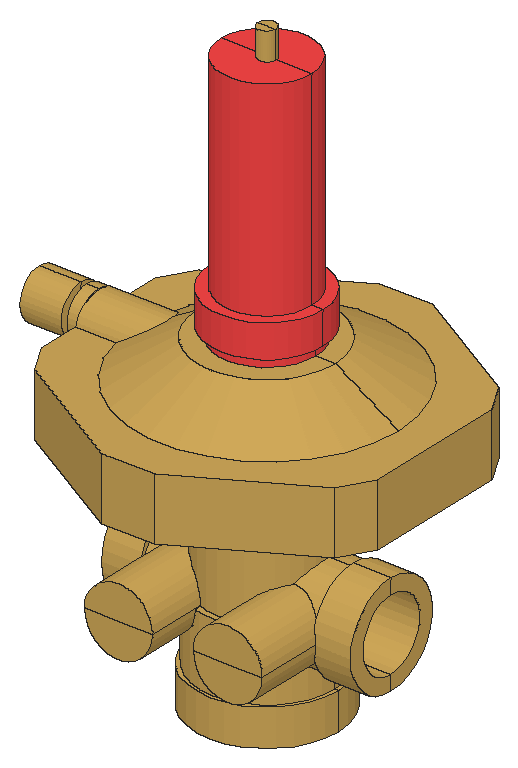
Revit family "Differenzdruckregler 4202 5-30kPa", category Rohrzubehör, Revit 2019
Family settings
  Bemaßung runder Anschluss = Durchmesser verwenden
  Teiletyp = Unterbricht
  OmniClass-Nummer = 23.65.55.14
  OmniClass-Titel = Valves for Liquid Services
  Arbeitsebenenbasiert = Nein
  Immer vertikal = Ja
  Beim Laden mit Abzugskörper schneiden = Nein
  Gemeinsam genutzt = Nein
Parameters (values of type "Ohne Dämmung")
  y2 [instance] = K14 + K9 + H01  # 49.149 mm
  y1 [instance] = (R03 * 2) + R05  # 66.000 mm
  PN = 25  # constant formula
  Min. Betriebstemperatur (Frostschutz) = -20 °C  # constant formula
  Max. zulässige Betriebstemperatur bis DN32 = 130 °C  # constant formula
  Max. zulässige Betriebstemperatur DN40 - DN50 = 110 °C  # constant formula
  Max. Differenzdruck am Gehäuse = 400000.0 Pa  # constant formula
  Max. Betriebsdruck = 2500000.0 Pa  # constant formula
  Ventilschaft = "Edelstahl 14301"  # constant formula
  URL = "www.herz-armaturen.at"
  SCRNSEQ = "ARM;ARM_TYP=\"DIFR\";2"
  SCRNCODE = "05;03;4"  # constant formula
  S06 [instance] = 1.000 mm  # constant formula
  S05 [instance] = S01 - 1.000 mm  # 16.250 mm
  S04 [instance] = S02 - 1.000 mm  # 18.000 mm
  S03 [instance] = size_lookup("4202 5-30kPa", "S03", 26.500 mm, Nennweite)  # 25.600 mm
  S02 [instance] = size_lookup("4202 5-30kPa", "S02", 19.000 mm, Nennweite)  # 19.000 mm
  S01 [instance] = size_lookup("4202 5-30kPa", "S01", 17.250 mm, Nennweite)  # 17.250 mm
  Regleranschlussmutter = "Messing CW614N"  # constant formula
  Regelbereich = "5 - 30kPa"  # constant formula
  R06 [instance] = size_lookup("4202 5-30kPa", "R06", 14.500 mm, Nennweite)  # 14.500 mm
  R05 [instance] = size_lookup("4202 5-30kPa", "R05", 46.000 mm, Nennweite)  # 46.000 mm
  R04 [instance] = size_lookup("4202 5-30kPa", "R04", 12.500 mm, Nennweite)  # 12.500 mm
  R03 [instance] = size_lookup("4202 5-30kPa", "R03", 10.000 mm, Nennweite)  # 10.000 mm
  R02 = 14.500 mm  # constant formula
  R01 [instance] = size_lookup("4202 5-30kPa", "R01", 12.500 mm, Nennweite)  # 12.500 mm
  Min. Betriebstemperatur (reines Wasser) = 2 °C  # constant formula
  O-Ringe = "EPDM"  # constant formula
  Nennweite [instance] = 15.000 mm
  Membrangehäuse = "Messing CW602N"  # constant formula
  Membrane = "EPDM"  # constant formula
  Medium = "Wasserbeschaffenheit nach ÖNORM H 5195 und VDI 2035\r\nDie Verwendung von Ethylen- und Propylenglykol ist im\r\nMischungsverhältnis 25 - 50 Vol.-% zulässig."
  L2 [instance] = size_lookup("4202 5-30kPa", "L2", 161.000 mm, Nennweite)  # 161.000 mm
  L [instance] = size_lookup("4202 5-30kPa", "L", 66.000 mm, Nennweite)  # 66.000 mm
  K9 = 4.000 mm  # constant formula
  K8 = 55.000 mm  # constant formula
  K7 = 8.700 mm  # constant formula
  K6 = 11.700 mm  # constant formula
  K5 = 13.000 mm  # constant formula
  K4 = 12.000 mm  # constant formula
  K3 = 15.000 mm  # constant formula
  K2 = 2.350 mm  # constant formula
  K18 = 89.000 mm  # constant formula
  K17 = 66.700 mm  # constant formula
  K16 = 3.000 mm  # constant formula
  K15 = 26.649 mm  # constant formula
  K14 = 16.649 mm  # constant formula
  K13 = 16.649 mm  # constant formula
  K12 = 10.000 mm  # constant formula
  K11 = 35.000 mm  # constant formula
  K10 = 18.250 mm  # constant formula
  K1.1 = 2.350 mm  # constant formula
  K1 = 7.651 mm  # constant formula
  J9 = 15.700 mm  # constant formula
  J8 = 7.850 mm  # constant formula
  J7 = 15.897 mm  # constant formula
  J6 = 3.900 mm  # constant formula
  J5 = 6.500 mm  # constant formula
  J4 = 1.500 mm  # constant formula
  J3 = 3.200 mm  # constant formula
  J2 = 11.000 mm  # constant formula
  J11 = 3.500 mm  # constant formula
  J10 = 18.897 mm  # constant formula
  J1 = 6.500 mm  # constant formula
  Hersteller = "HERZ-Armaturen Ges.m.b.H"  # constant formula
  H2 [instance] = size_lookup("4202 5-30kPa", "H2", 28.000 mm, Nennweite)  # 28.000 mm
  H1 [instance] = K1 + K2 + K3 + K4 + K5 + K7 + K8 + K16 + 16.650 mm  # 133.351 mm
  H04 = 4.000 mm  # constant formula
  H03 = 9.800 mm  # constant formula
  H02 [instance] = size_lookup("4202 5-30kPa", "H02", 53.000 mm, Nennweite)  # 53.000 mm
  H01 [instance] = size_lookup("4202 5-30kPa", "H01", 25.000 mm, Nennweite)  # 28.500 mm
  Gehäuse = "DZR Messing CC770S"  # constant formula
  G03 [instance] = size_lookup("4202 5-30kPa", "G03", 13.200 mm, Nennweite)  # 13.200 mm
  G02 [instance] = size_lookup("4202 5-30kPa", "G02", 9.500 mm, Nennweite)  # 9.500 mm
  G01 [instance] = size_lookup("4202 5-30kPa", "G01", 13.500 mm, Nennweite)  # 13.500 mm
  Einstellspindel = "Messing CW614N"  # constant formula
  Hinweise zum Material = "Gemäß Art 33 der REACH-Verordnung (EG Nr. 1907/2006) sind wir verpflichtet, darauf hinzuweisen,\r\ndass der Stoff Blei auf der SVHC-Liste geführt wird und dass alle aus Messing bestehenden Bauteile,\r\ndie in unseren Erzeugnissen verarbeitet sind, mehr als 0,1 % (w/w) Blei (CAS: 7439-92-1 / EINECS:\r\n231-100-4) enthalten. Da Blei als Legierungsbestandteil fest gebunden ist, sind keine Expositionen zu\r\nerwarten und daher sind keine zusätzlichen Angaben zur sicheren Verwendung notwendig.\r\n\r\nIm Hanf enthaltenes Ammoniak schädigt\r\nMessingventilgehäuse, EPDM Dichtungen werden durch\r\nMineralöle bzw. mineralölhaltige Schmierstoffe aufgequollen\r\nund führen somit zum Ausfall der EPDM-Dichtungen. Für\r\nFrost- und Korrosionsschutzmittel auf der Basis von Ethylen- und Propylenglykol sind die entsprechenden\r\nAngaben den Unterlagen des Herstellers zu entnehmen."
  Dämmung = no
  Dämmschale = "EPP (expandiertes Polypropylen)"  # constant formula
  Druckfeder = "Federstahl 14310 NS"  # constant formula
  DN50 [instance] = Nennweite = 50.000 mm  # no
  DN40 [instance] = Nennweite = 40.000 mm  # no
  DN32-40 [instance] = or(Nennweite = 32.000 mm, Nennweite = 40.000 mm)  # no
  DN32 [instance] = Nennweite = 32.000 mm  # no
  DN25,32,40 [instance] = or(Nennweite = 25.000 mm, Nennweite = 32.000 mm, Nennweite = 40.000 mm)  # no
  DN25 [instance] = Nennweite = 25.000 mm  # no
  DN20 [instance] = Nennweite = 20.000 mm  # no
  DN15-25 [instance] = or(Nennweite = 15.000 mm, Nennweite = 20.000 mm, Nennweite = 25.000 mm)  # yes
  DN15,20,50 [instance] = or(Nennweite = 15.000 mm, Nennweite = 20.000 mm, Nennweite = 50.000 mm)  # yes
  DN15 [instance] = Nennweite = 15.000 mm  # yes
  D07 [instance] = if(Nennweite = 15.000 mm, 32.500 mm, if(Nennweite = 20.000 mm, 33.500 mm, if(Nennweite = 25.000 mm, 33.500 mm, if(Nennweite = 32.000 mm, 49.500 mm, if(Nennweite = 40.000 mm, 59.500 mm, if(Nennweite = 50.000 mm, 59.500 mm, 0.000 mm))))))  # 32.500 mm
  D06 [instance] = if(Nennweite = 15.000 mm, 32.500 mm, if(Nennweite = 20.000 mm, 33.500 mm, if(Nennweite = 25.000 mm, 33.500 mm, if(Nennweite = 32.000 mm, 49.500 mm, if(Nennweite = 40.000 mm, 59.500 mm, if(Nennweite = 50.000 mm, 59.500 mm, 0.000 mm))))))  # 32.500 mm
  D05 [instance] = if(Nennweite = 15.000 mm, 36.750 mm, if(Nennweite = 20.000 mm, 40.700 mm, if(Nennweite = 25.000 mm, 49.200 mm, if(Nennweite = 32.000 mm, 54.150 mm, if(Nennweite = 40.000 mm, 60.750 mm, if(Nennweite = 50.000 mm, 72.700 mm, 0.000 mm))))))  # 36.750 mm
  D04 [instance] = if(Nennweite = 15.000 mm, 78.500 mm, if(Nennweite = 20.000 mm, 82.000 mm, if(Nennweite = 25.000 mm, 84.000 mm, if(Nennweite = 32.000 mm, 120.000 mm, if(Nennweite = 40.000 mm, 130.000 mm, if(Nennweite = 50.000 mm, 130.500 mm, 0.000 mm))))))  # 78.500 mm
  D03 [instance] = size_lookup("4202 5-30kPa", "R05", 41.000 mm, Nennweite)  # 46.000 mm
  D02 [instance] = if(Nennweite = 15.000 mm, 96.000 mm, if(Nennweite = 20.000 mm, 110.000 mm, if(Nennweite = 25.000 mm, 112.000 mm, if(Nennweite = 32.000 mm, 152.000 mm, if(Nennweite = 40.000 mm, 170.000 mm, if(Nennweite = 50.000 mm, 179.000 mm, 0.000 mm))))))  # 96.000 mm
  D01 [instance] = size_lookup("4202 5-30kPa", "G01", 13.220 mm, Nennweite)  # 13.500 mm
  Bestellnummer Dämmung [instance] = if(and(Dämmung, Nennweite = 15.000 mm), 1409611, if(and(Dämmung, Nennweite = 20.000 mm), 1409612, if(and(Dämmung, Nennweite = 25.000 mm), 1409613, if(and(Dämmung, Nennweite = 32.000 mm), 1409614, if(and(Dämmung, Nennweite = 40.000 mm), 1409615, if(and(Dämmung, Nennweite = 50.000 mm), 1409616, 0))))))  # 0
  Bestellnummer [instance] = if(Nennweite = 15.000 mm, 1420241, if(Nennweite = 20.000 mm, 1420242, if(Nennweite = 25.000 mm, 1420243, if(Nennweite = 32.000 mm, 1420244, if(Nennweite = 40.000 mm, 1420245, if(Nennweite = 50.000 mm, 1420246, 0))))))  # 1420241
  B2 [instance] = size_lookup("4202 5-30kPa", "B2", 31.000 mm, Nennweite)  # 31.000 mm
  B1 [instance] = size_lookup("4202 5-30kPa", "B1", 26.000 mm, Nennweite)  # 26.000 mm
  B04 = 100.649 mm  # constant formula
  B03 = 44.500 mm  # constant formula
  B02 = 104.688 mm  # constant formula
  B01 = 10.000 mm  # constant formula
  Anzeigehülse = "Kunststoff (Rot)"  # constant formula
  Anwendungsgebiet = "Der Differenzdruckregler ist ein Regler mit linearer Kennlinie in Geradsitzausführung und arbeitet ohne\r\nHilfsenergie. Der gewünschte Differenzdruck-Sollwert kann zwischen 5 und 30 kPa; 25 und 60 kPa bzw.\r\n45 und 80 kPa stufenlos eingestellt werden. Der eingestellte Wert ist mit Hilfe des Einstelldiagrammes\r\nablesbar. Werksseitig ist der Sollwert auf Minimum eingestellt. Der erforderliche Sollwert wird mit dem\r\nEinstellwerkzeug (1 4006 02) eingestellt. Im Lieferumfang enthalten ist die Impulsleitung (1000 mm),\r\ndiese ist im Vorlauf einzubinden."
  Anschlussnippel = "Messing CW602N"  # constant formula
Types (2, lengths in mm): name | y2 | y1 | S05 | S04 | S03 | S02 | S01 | R05 | R04 | R03 | R01 | Nennweite | L2 | L | H2 | H02 | H01 | G03 | G02 | G01 | Dämmung | DN50 | DN15-25 | DN15 | D07 | D06 | D05 | D04 | D03 | D02 | D01 | Bestellnummer Dämmung | Bestellnummer | B2 | B1
  Ohne Dämmung | 49.149 | 66.000 | 16.250 | 18.000 | 25.600 | 19.000 | 17.250 | 46.000 | 12.500 | 10.000 | 12.500 | 15.000 | 161.000 | 66.000 | 28.000 | 53.000 | 28.500 | 13.200 | 9.500 | 13.500 | no | no | yes | yes | 32.500 | 32.500 | 36.750 | 78.500 | 46.000 | 96.000 | 13.500 | 0 | 1420241 | 31.000 | 26.000
  Mit Dämmung | 76.149 | 140.000 | 27.500 | 27.000 | 37.700 | 28.000 | 28.500 | 106.000 | 14.500 | 17.000 | 33.500 | 50.000 | 216.500 | 140.000 | 58.000 | 107.000 | 55.500 | 23.400 | 28.325 | 35.000 | yes | yes | no | no | 59.500 | 59.500 | 72.700 | 130.500 | 106.000 | 179.000 | 35.000 | 1409616 | 1420246 | 41.000 | 41.000
Reference planes
  plane 1 "Mitte (Vorne/hinten)": y = 0
  plane 2: z = 0
  plane 3 "Mitte (Links/rechts)": x = 0
Forms (mm)
  Revolve 1, solid, material "Messing, weicher Gelbton, geschweißt", detail levels fine
    sketch origin (0, 0, 0) x (1, 0, 0) y (0, 0, 1)
      loop
        line (-19.8, 0) -> (19.8, 0) -> (19.8, 9.5) -> (33, 9.5) -> (33, 13.5) -> (23, 13.5) -> (23, 12.5) -> (-23, 12.5) -> (-23, 13.5) -> (-33, 13.5) -> (-33, 9.5) -> (-19.8, 9.5) -> (-19.8, 0)
      axis (-33, 0) -> (33, 0)
    angle from 0 to 360
  Revolve 2, solid, material "Messing, weicher Gelbton, geschweißt", detail levels fine
    sketch origin (0, 0, 0) x (1, 0, 0) y (0, 0, 1)
      loop
        line (0, -28) -> (0, 0) -> (-18, 0) -> (-18, -18.2) -> (-19, -18.2) -> (-19, -28) -> (0, -28)
      axis (0, 0) -> (0, -28)
    angle from 0 to 360
  Extrusion 3, solid, material "Messing, weicher Gelbton, geschweißt", detail levels fine
    sketch origin (0, 0, 0) x (0, -1, 0) y (1, 0, 0)
      loop
        line (-46, -7.038) -> (-27.114, -39.75) -> (-18.886, -44.5) -> (18.886, -44.5) -> (27.114, -39.75) -> (46, -7.038) -> (46, 7.038) -> (27.114, 39.75) -> (18.886, 44.5) -> (-18.886, 44.5) -> (-27.114, 39.75) -> (-46, 7.038) -> (-46, -7.038)
    from 32.5 to 49.149
  Revolve 4, solid, material "Messing, weicher Gelbton, geschweißt", detail levels fine
    sketch origin (0, 0, -7.051) x (1, 0, 0) y (0, 0, 1)
      loop
        line (0, 56.2) -> (0, 66.2) -> (-18.25, 66.2) -> (-35, 56.2) -> (0, 56.2)
      axis (0, 66.2) -> (0, 56.2)
    angle from 0 to 360
  Revolve 5, solid, material "Messing, weicher Gelbton, geschweißt", visible <- "DN15-25", detail levels fine
    sketch origin (-11, 0, 0) x (1, 0, 0) y (0, 1, 0)
      loop
        line (-1.5, 26) -> (-9.2, 26) -> (-9.2, 0) -> (-1.5, 0) -> (-1.5, 26)
      axis (-1.5, 0) -> (-1.5, 26)
    angle from 0 to 360
  Revolve 6, solid, material "Messing, weicher Gelbton, geschweißt", visible <- "DN15,20,50", detail levels fine
    sketch origin (-0.988, 0, -6.853) x (-1, 0, 0) y (0, 0, 1)
      loop
        line (43.5, 55.25) -> (59.2, 55.25) -> (59.2, 61.75) -> (48.2, 61.75) -> (48.2, 59.15) -> (46.7, 59.15) -> (46.7, 61.75) -> (43.5, 61.75) -> (43.5, 55.25)
      axis (43.5, 55.25) -> (59.2, 55.25)
    angle from 0 to 360
  Extrusion 7, solid, material "Messing, weicher Gelbton, geschweißt", visible <- "DN15,20,50", detail levels fine
    sketch origin (0, 0, 0) x (0, 1, 0) y (0, 0, -1)
      loop
        line (7.85, -47.047) -> (7.85, -36) -> (-7.85, -36) -> (-7.85, -47.047)
        arc (-7.85, -47.047) -> (0, -54.897) -> (7.85, -47.047) r 7.85
    from 0 to 44.5
  Revolve 8, solid, material "Kunsstoff rot", detail levels fine
    sketch origin (0, 0, 0) x (1, 0, 0) y (0, 0, 1)
      loop
        line (-12, 125.849) -> (-12, 70.849) -> (-15, 70.849) -> (-15, 62.149) -> (-13, 62.149) -> (-13, 59.149) -> (0, 59.149) -> (0, 125.849) -> (-12, 125.849)
      axis (0, 125.849) -> (0, 59.149)
    angle from 0 to 360
  Revolve 9, solid, material "Messing, weicher Gelbton, geschweißt", visible <- "DN15-25", detail levels fine
    sketch origin (-2, 0, 0) x (1, 0, 0) y (0, 1, 0)
      loop
        line (-12.5, 0) -> (-21.5, 0) -> (-21.5, -31) -> (-12.5, -31) -> (-12.5, 0)
      axis (-12.5, 0) -> (-12.5, -31)
    angle from 0 to 360
  Revolve 10, solid, material "Messing, weicher Gelbton, geschweißt", visible <- "DN15-25", detail levels fine
    sketch origin (2, 0, 0) x (1, 0, 0) y (0, 1, 0)
      loop
        line (12.5, 0) -> (12.5, -31) -> (21.6, -31) -> (21.6, 0) -> (12.5, 0)
      axis (12.5, 0) -> (12.5, -31)
    angle from 0 to 360
  Extrusion 11, solid, material "Messing, weicher Gelbton, geschweißt", visible <- "DN32", detail levels fine
    sketch origin (-31.5, 0, 0) x (1, 0, 0) y (0, 1, 0)
      loop
        circle (63, 0) r 6.578
      loop
        circle (63, 0) r 3.28
    from -47 to 0
  Extrusion 12, solid, material "Messing, weicher Gelbton, geschweißt", visible <- "DN32", detail levels fine
    sketch origin (31.5, 0, 0) x (-1, 0, 0) y (0, -1, 0)
      loop
        circle (63, 0) r 6.578
      loop
        circle (63, 0) r 3.28
    from -47 to 0
  Revolve 13, solid, material "Messing, weicher Gelbton, geschweißt", detail levels fine
    sketch origin (0, 0, 0) x (1, 0, 0) y (0, 0, 1)
      loop
        line (-16.25, 0) -> (0, 0) -> (0, 32.5) -> (-12.25, 32.5) -> (-12.25, 28.5) -> (-17.25, 28.5) -> (-17.25, 18.7) -> (-16.25, 18.7) -> (-16.25, 0)
      axis (0, 32.5) -> (0, 0)
    angle from 0 to 360
  Extrusion 14, solid, material "Messing, weicher Gelbton, geschweißt", visible <- "DN40", detail levels fine
    sketch origin (29.382, 0, 0) x (-1, 0, 0) y (0, -1, 0)
      loop
        circle (63, 0) r 6.578
      loop
        circle (63, 0) r 3.28
    from -58 to 0
  Extrusion 15, solid, material "Messing, weicher Gelbton, geschweißt", visible <- "DN40", detail levels fine
    sketch origin (-29.455, 0, 0) x (1, 0, 0) y (0, 1, 0)
      loop
        circle (63, 0) r 6.578
      loop
        circle (63, 0) r 3.28
    from -58 to 0
  Extrusion 16, solid, material "Messing, weicher Gelbton, geschweißt", visible <- "DN50", detail levels fine
    sketch origin (28.422, 0, 0) x (-1, 0, 0) y (0, -1, 0)
      loop
        circle (63, 0) r 6.578
      loop
        circle (63, 0) r 3.28
    from -58 to 0
  Extrusion 17, solid, material "Messing, weicher Gelbton, geschweißt", visible <- "DN50", detail levels fine
    sketch origin (-28.422, 0, 0) x (1, 0, 0) y (0, 1, 0)
      loop
        circle (63, 0) r 6.578
      loop
        circle (63, 0) r 3.28
    from -58 to 0
  Revolve 18, solid, material "Messing, weicher Gelbton, geschweißt", detail levels fine
    sketch origin (0, 0, 0) x (1, 0, 0) y (0, 0, 1)
      loop
        line (-2.35, 125.349) -> (0, 125.349) -> (0, 133) -> (-2.35, 133) -> (-2.35, 125.349)
      axis (0, 133) -> (0, 125.349)
    angle from 0 to 360
  Revolve 19, solid, material "Messing, weicher Gelbton, geschweißt", visible <- "DN32-40", detail levels fine
    sketch origin (-11, 0, 0) x (1, 0, 0) y (0, 1, 0)
      loop
        line (-1.5, -26) -> (-1.5, 0) -> (-9.2, 0) -> (-9.2, -26) -> (-1.5, -26)
      axis (-1.5, 0) -> (-1.5, -26)
    angle from 0 to 360
  Revolve 20, solid, material "Messing, weicher Gelbton, geschweißt", visible <- "DN25,32,40", detail levels fine
    sketch origin (0.988, 0, 20.147) x (1, 0, 0) y (0, 0, 1)
      loop
        line (43.5, 28.25) -> (59.2, 28.25) -> (59.2, 34.75) -> (48.2, 34.75) -> (48.2, 32.15) -> (46.7, 32.15) -> (46.7, 34.75) -> (43.5, 34.75) -> (43.5, 28.25)
      axis (43.5, 28.25) -> (59.2, 28.25)
    angle from 0 to 360
  Extrusion 21, solid, material "Messing, weicher Gelbton, geschweißt", visible <- "DN25", detail levels fine
    sketch origin (0, 0, 0) x (0, 1, 0) y (0, 0, 1)
      loop
        arc (7.85, 48.047) -> (0, 55.897) -> (-7.85, 48.047) r 7.85
        line (-7.85, 48.047) -> (-7.85, 37) -> (7.85, 37) -> (7.85, 48.047)
    from 0 to 44.5
  Extrusion 22, solid, material "Messing, weicher Gelbton, geschweißt", visible <- "DN32", detail levels fine
    sketch origin (0, 0, 0) x (0, 1, 0) y (0, 0, 1)
      loop
        arc (7.85, 64.047) -> (0, 71.897) -> (-7.85, 64.047) r 7.85
        line (-7.85, 64.047) -> (-7.85, 53) -> (7.85, 53) -> (7.85, 64.047)
    from 0 to 44.5
  Extrusion 23, solid, material "Messing, weicher Gelbton, geschweißt", visible <- "DN40", detail levels fine
    sketch origin (0, 0, 0) x (0, 1, 0) y (0, 0, 1)
      loop
        arc (7.85, 74.047) -> (0, 81.897) -> (-7.85, 74.047) r 7.85
        line (-7.85, 74.047) -> (-7.85, 63) -> (7.85, 63) -> (7.85, 74.047)
    from 0 to 44.5
  Revolve 24, solid, material "Kunststoff-Anthrazit/Schwarz", visible <- "Dämmung"
    sketch origin (0, 0, 0) x (1, 0, 0) y (0, 0, 1)
      loop
        line (0, -46) -> (36.75, -46) -> (36.75, 32.5) -> (0, 32.5) -> (0, -46)
      axis (0, 32.5) -> (0, -46)
    angle from 0 to 360
  Revolve 25, solid, material "Kunststoff-Anthrazit/Schwarz", visible <- "Dämmung"
    sketch origin (0, 0, 0) x (1, 0, 0) y (0, 0, 1)
      loop
        line (0, 32.5) -> (-48, 32.5) -> (-48, 13.5) -> (-23, 13.5) -> (-23, 0) -> (0, 0) -> (23, 0) -> (23, 13.5) -> (48, 13.5) -> (48, 32.5) -> (0, 32.5)
      axis (-48, 0) -> (48, 0)
    angle from 0 to 360
Lines and regions (mm)
  model lines, detail levels coarse+medium
    curve 1: line (33, -13.5, 0) -> (33, 13.5, 0)
    curve 2: line (33, 13.5, 0) -> (-33, -13.5, 0)
    curve 3: line (-33, -13.5, 0) -> (-33, 13.5, 0)
    curve 4: line (-33, 13.5, 0) -> (33, -13.5, 0)
    curve 5: line (0, -18.5, 0) -> (0, -32.5, 0)
    curve 6: spline (-44.5, -40.824, 0) -> (-42.984, -38.67, 0) -> (-38.538, -36.662, 0) -> (-31.466, -34.938, 0) -> (-22.25, -33.615, 0) -> (-11.517, -32.784, 0) -> (0, -32.5, 0) -> (11.517, -32.784, 0) -> (22.25, -33.615, 0) -> (31.466, -34.938, 0) -> (38.538, -36.662, 0) -> (42.984, -38.67, 0) -> (44.5, -40.825, 0) -> (42.984, -42.979, 0) -> (38.538, -44.987, 0) -> (31.466, -46.711, 0) -> (22.25, -48.034, 0) -> (11.517, -48.865, 0) -> (0, -49.149, 0) -> (-11.517, -48.865, 0) -> (-22.25, -48.034, 0) -> (-31.466, -46.711, 0) -> (-38.538, -44.987, 0) -> (-42.984, -42.979, 0) -> (-44.5, -40.824, 0)
    curve 7: line (0, 0, 13.5) -> (0, 0, 32.5)
    curve 8: spline (-44.5, 0, 40.825) -> (-42.984, 0, 42.979) -> (-38.538, 0, 44.987) -> (-31.466, 0, 46.711) -> (-22.25, 0, 48.034) -> (-11.517, 0, 48.865) -> (0, 0, 49.149) -> (11.517, 0, 48.865) -> (22.25, 0, 48.034) -> (31.466, 0, 46.711) -> (38.538, 0, 44.987) -> (42.984, 0, 42.979) -> (44.5, 0, 40.824) -> (42.984, 0, 38.67) -> (38.538, 0, 36.662) -> (31.466, 0, 34.938) -> (22.25, 0, 33.615) -> (11.517, 0, 32.784) -> (0, 0, 32.5) -> (-11.517, 0, 32.784) -> (-22.25, 0, 33.615) -> (-31.466, 0, 34.938) -> (-38.538, 0, 36.662) -> (-42.984, 0, 38.67) -> (-44.5, 0, 40.825)
    curve 9: line (0, 0, 13.5) -> (16.5, 0, 6.75)
    curve 10: line (0, 0, 13.5) -> (-16.5, 0, 6.75)
    curve 11: line (0, -18.5, 0) -> (-6.483, -2.652, 0)
    curve 12: line (0, -18.5, 0) -> (6.483, -2.652, 0)
    curve 13: line (-33, 0, 13.5) -> (33, 0, -13.5)
    curve 14: line (33, 0, -13.5) -> (33, 0, 13.5)
    curve 15: line (33, 0, 13.5) -> (-33, 0, -13.5)
    curve 16: line (-33, 0, -13.5) -> (-33, 0, 13.5)
Dimensions and locks
  "G01": Revolve 1 sketch curve to Revolve 1 sketch curve  (x2)
  "R01": Revolve 1 sketch curve to Revolve 1 sketch curve
  "R03": Revolve 1 sketch curve to Revolve 1 sketch curve  (x2)
  "K10": Revolve 4 sketch curve to Revolve 4 sketch curve
  "K11": Revolve 4 sketch curve to Revolve 4 sketch curve
  "B1": Revolve 5 sketch curve to Revolve 5 sketch curve
  "J1": Revolve 6 sketch curve to Revolve 6 sketch curve
  "J3": Revolve 6 sketch curve to Revolve 6 sketch curve
  "J4": Revolve 6 sketch curve to Revolve 6 sketch curve
  "J2": Revolve 6 sketch curve to Revolve 6 sketch curve
  "J5": Revolve 6 sketch curve to Revolve 6 sketch curve
  "J6": Revolve 6 sketch curve to Revolve 6 sketch curve
  "H2": plane 2 to Revolve 2 sketch curve
  "H03": Revolve 2 sketch curve to Revolve 2 sketch curve
  "S02": plane 3 "Mitte (Links/rechts)" to Revolve 2 sketch curve
  "B02": Revolve 6 to Extrusion 3
  "B03": Extrusion 3 to plane 3 "Mitte (Links/rechts)"
  "R04": Revolve 5 sketch curve to plane 3 "Mitte (Links/rechts)"
  "K4": Revolve 8 sketch curve to Revolve 8 sketch curve
  "K3": Revolve 8 sketch curve to Revolve 8 sketch curve
  "K7": Revolve 8 sketch curve to Revolve 8 sketch curve
  "K5": Revolve 8 sketch curve to Revolve 8 sketch curve
  "K8": Revolve 8 sketch curve to Revolve 8 sketch curve
  "K12": Revolve 4 sketch curve to Revolve 4 sketch curve
  "K13": Revolve 4 sketch curve to Extrusion 3
  "K14": Extrusion 3 to Extrusion 3
  "K16": Revolve 8 sketch curve to Revolve 8 sketch curve
  "K15": Revolve 8 to Extrusion 3
  "R05": Revolve 1 sketch curve to Revolve 1 sketch curve
  equal spacing: Revolve 1 sketch curve, plane 3 "Mitte (Links/rechts)", Revolve 1 sketch curve
  "B2": plane 1 "Mitte (Vorne/hinten)" to Revolve 9 sketch curve
  "B2": Revolve 10 sketch curve to plane 1 "Mitte (Vorne/hinten)"
  "R06": Revolve 9 sketch curve to plane 3 "Mitte (Links/rechts)"
  "R06": plane 3 "Mitte (Links/rechts)" to Revolve 10 sketch curve
  "S01": Revolve 13 sketch curve to plane 3 "Mitte (Links/rechts)"
  "S05": plane 3 "Mitte (Links/rechts)" to Revolve 13 sketch curve
  "H04": Revolve 13 sketch curve to Revolve 13 sketch curve
  "H03": Revolve 13 sketch curve to Revolve 13 sketch curve
  "H01": Revolve 13 sketch curve to plane 2
  "K9": Extrusion 3 to Revolve 13
  "S06": Revolve 2 sketch curve to Revolve 2 sketch curve
  "J7": Revolve 6 sketch curve to Extrusion 3
  "J9": Extrusion 7 sketch curve to Extrusion 7 sketch curve
  "J10": Revolve 6 to Extrusion 7 sketch curve
  "J11": Extrusion 7 sketch curve to Extrusion 3
  "K18": Extrusion 3 to Extrusion 3
  "K18": curve 8 to curve 8
  "G01": curve 10 to plane 2
  "K14": curve 8 to curve 8
  "y2": curve 8 to plane 2
  "G01": plane 1 "Mitte (Vorne/hinten)" to curve 4
  "G01": curve 3 to plane 1 "Mitte (Vorne/hinten)"
  equal spacing: curve 3, curve 8, curve 1
  equal spacing: curve 3, curve 12, curve 1
  "y1": curve 3 to curve 1
  "G01": plane 1 "Mitte (Vorne/hinten)" to curve 2
  "G01": curve 4 to plane 1 "Mitte (Vorne/hinten)"
  "K18": curve 6 to curve 6
  "K14": curve 6 to curve 6
  "y2": curve 6 to plane 1 "Mitte (Vorne/hinten)"
  "K1.1": plane 3 "Mitte (Links/rechts)" to Revolve 18 sketch curve
  "B1": Revolve 19 sketch curve to Revolve 19 sketch curve
  "R04": Revolve 19 sketch curve to plane 3 "Mitte (Links/rechts)"
  "G02": Revolve 1 sketch curve to plane 2  (x2)
  "G03": Revolve 1 sketch curve to Revolve 1 sketch curve  (x2)
  Revolve 1 sketch curve to Revolve 1 sketch curve = 66.000 mm
  "L2": Revolve 18 to Revolve 2
  "J1": Revolve 20 sketch curve to Revolve 20 sketch curve
  "J3": Revolve 20 sketch curve to Revolve 20 sketch curve
  "J4": Revolve 20 sketch curve to Revolve 20 sketch curve
  "J2": Revolve 20 sketch curve to Revolve 20 sketch curve
  "J5": Revolve 20 sketch curve to Revolve 20 sketch curve
  "J6": Revolve 20 sketch curve to Revolve 20 sketch curve
  "J7": Revolve 20 sketch curve to Extrusion 3
  "J9": Extrusion 21 sketch curve to Extrusion 21 sketch curve
  "J9": Extrusion 22 sketch curve to Extrusion 22 sketch curve
  "J9": Extrusion 23 sketch curve to Extrusion 23 sketch curve
  equal spacing: curve 10, plane 3 "Mitte (Links/rechts)", curve 9
  "L": curve 14 to curve 16
  equal spacing: curve 14, curve 6, curve 16
  equal spacing: curve 14, curve 9, curve 10, curve 10, curve 16
  "G01": curve 16 to plane 2
  "G01": plane 2 to curve 16
  "G01": curve 15 to plane 2
  "G01": plane 2 to curve 14
  "D07": Revolve 25 sketch curve to plane 2
  "D01": Revolve 25 sketch curve to plane 2  (x2)
  "D03": Revolve 25 sketch curve to Revolve 25 sketch curve
  "D02": Revolve 25 sketch curve to Revolve 25 sketch curve
  equal spacing: Revolve 25 sketch curve, plane 3 "Mitte (Links/rechts)", Revolve 25 sketch curve  (x2)
  "D06": Revolve 24 sketch curve to plane 2
  "D05": Revolve 24 sketch curve to Revolve 24 sketch curve
  "D04": Revolve 24 sketch curve to Revolve 24 sketch curve
  "J8": radius of Extrusion 7 sketch curve
  "J8": radius of Extrusion 21 sketch curve
  "J8": radius of Extrusion 22 sketch curve
  "J8": radius of Extrusion 23 sketch curve
  aligned and locked: level to plane 2
Automatic sketch dimensions
  plane 3 "Mitte (Links/rechts)" to Extrusion 3 sketch curve = 7.038 mm  (x2)
  Extrusion 3 sketch curve to plane 1 "Mitte (Vorne/hinten)" = 46.000 mm
  Extrusion 3 sketch curve to plane 1 "Mitte (Vorne/hinten)" = 27.114 mm  (x2)
  Extrusion 3 sketch curve to Extrusion 3 sketch curve = 8.227 mm  (x4)
  plane 1 "Mitte (Vorne/hinten)" to Extrusion 3 sketch curve = 18.886 mm  (x2)
  Extrusion 3 sketch curve to Extrusion 3 sketch curve = 18.886 mm
  Extrusion 3 sketch curve to plane 3 "Mitte (Links/rechts)" = 7.038 mm  (x2)
  Extrusion 3 sketch curve to Extrusion 3 sketch curve = 32.712 mm  (x4)
  Extrusion 3 sketch curve to Extrusion 3 sketch curve = 4.750 mm  (x2)
  Extrusion 11 sketch curve to Extrusion 11 sketch curve = 0.000 mm  (x2)
  plane 1 "Mitte (Vorne/hinten)" to Extrusion 11 sketch curve = 0.000 mm
  plane 3 "Mitte (Links/rechts)" to Extrusion 11 sketch curve = 31.500 mm
  Extrusion 12 sketch curve to Extrusion 12 sketch curve = 0.000 mm  (x2)
  plane 1 "Mitte (Vorne/hinten)" to Extrusion 12 sketch curve = 0.000 mm
  plane 3 "Mitte (Links/rechts)" to Extrusion 12 sketch curve = 31.500 mm
  Extrusion 14 sketch curve to Extrusion 14 sketch curve = 0.000 mm  (x2)
  plane 1 "Mitte (Vorne/hinten)" to Extrusion 14 sketch curve = 0.000 mm
  plane 3 "Mitte (Links/rechts)" to Extrusion 14 sketch curve = 33.618 mm
  Extrusion 15 sketch curve to Extrusion 15 sketch curve = 0.000 mm  (x2)
  plane 1 "Mitte (Vorne/hinten)" to Extrusion 15 sketch curve = 0.000 mm
  plane 3 "Mitte (Links/rechts)" to Extrusion 15 sketch curve = 33.545 mm
  Extrusion 16 sketch curve to Extrusion 16 sketch curve = 0.000 mm  (x2)
  plane 1 "Mitte (Vorne/hinten)" to Extrusion 16 sketch curve = 0.000 mm
  plane 3 "Mitte (Links/rechts)" to Extrusion 16 sketch curve = 34.578 mm
  Extrusion 17 sketch curve to Extrusion 17 sketch curve = 0.000 mm  (x2)
  plane 1 "Mitte (Vorne/hinten)" to Extrusion 17 sketch curve = 0.000 mm
  plane 3 "Mitte (Links/rechts)" to Extrusion 17 sketch curve = 34.578 mm
  curve 8 to plane 3 "Mitte (Links/rechts)" = 0.000 mm
  curve 11 to plane 3 "Mitte (Links/rechts)" = 0.000 mm
  curve 6 to plane 3 "Mitte (Links/rechts)" = 0.000 mm
  curve 5 to curve 12 = 14.000 mm
  Revolve 1 sketch curve to level = 0.000 mm  (x2)
  Revolve 1 sketch curve to Revolve 1 sketch curve = 1473.530 mm
  Revolve 1 sketch curve to Revolve 1 sketch curve = 1806.148 mm
  Revolve 2 sketch curve to level = 0.000 mm
  Revolve 2 sketch curve to plane 3 "Mitte (Links/rechts)" = 0.000 mm  (x2)
  Revolve 2 sketch curve to Revolve 2 sketch curve = 1.000 mm
  Revolve 2 sketch curve to Revolve 2 sketch curve = 334.045 mm
  level to Revolve 2 sketch curve = 2218.015 mm
  Revolve 4 sketch curve to plane 3 "Mitte (Links/rechts)" = 0.000 mm  (x2)
  Revolve 4 sketch curve to level = 373.096 mm
  Revolve 4 sketch curve to Revolve 4 sketch curve = 2155.315 mm
  plane 1 "Mitte (Vorne/hinten)" to Revolve 5 sketch curve = 0.000 mm  (x2)
  Revolve 5 sketch curve to Revolve 5 sketch curve = 0.000 mm  (x2)
  Revolve 5 sketch curve to Revolve 5 sketch curve = 7.700 mm
  plane 3 "Mitte (Links/rechts)" to Revolve 6 sketch curve = 44.488 mm
  Revolve 6 sketch curve to Revolve 6 sketch curve = 0.000 mm  (x3)
  Extrusion 7 sketch curve to plane 1 "Mitte (Vorne/hinten)" = 0.000 mm
  Extrusion 7 sketch curve to Extrusion 7 sketch curve = 11.047 mm
  Extrusion 7 sketch curve to Extrusion 7 sketch curve = 0.000 mm
  Revolve 8 sketch curve to plane 3 "Mitte (Links/rechts)" = 0.000 mm  (x2)
  level to Revolve 8 sketch curve = 59.149 mm
  Revolve 8 sketch curve to Revolve 8 sketch curve = 0.000 mm  (x2)
  plane 1 "Mitte (Vorne/hinten)" to Revolve 9 sketch curve = 0.000 mm  (x2)
  Revolve 9 sketch curve to Revolve 9 sketch curve = 9.000 mm
  Revolve 9 sketch curve to Revolve 9 sketch curve = 0.000 mm  (x2)
  plane 1 "Mitte (Vorne/hinten)" to Revolve 10 sketch curve = 0.000 mm  (x2)
  Revolve 10 sketch curve to Revolve 10 sketch curve = 9.100 mm
  Revolve 10 sketch curve to Revolve 10 sketch curve = 0.000 mm  (x2)
  Revolve 13 sketch curve to level = 0.000 mm  (x2)
  Revolve 13 sketch curve to plane 3 "Mitte (Links/rechts)" = 0.000 mm  (x2)
  Revolve 13 sketch curve to Revolve 13 sketch curve = 5.000 mm
  Revolve 13 sketch curve to Revolve 13 sketch curve = 0.000 mm
  Revolve 18 sketch curve to plane 3 "Mitte (Links/rechts)" = 0.000 mm  (x2)
  level to Revolve 18 sketch curve = 125.349 mm
  Revolve 18 sketch curve to Revolve 18 sketch curve = 7.651 mm
  Revolve 18 sketch curve to Revolve 18 sketch curve = 0.000 mm  (x2)
  plane 1 "Mitte (Vorne/hinten)" to Revolve 19 sketch curve = 0.000 mm  (x2)
  Revolve 19 sketch curve to Revolve 19 sketch curve = 7.700 mm
  Revolve 19 sketch curve to Revolve 19 sketch curve = 0.000 mm  (x2)
  plane 3 "Mitte (Links/rechts)" to Revolve 20 sketch curve = 44.488 mm
  Revolve 20 sketch curve to Revolve 20 sketch curve = 0.000 mm  (x3)
  Extrusion 21 sketch curve to plane 1 "Mitte (Vorne/hinten)" = 0.000 mm
  level to Extrusion 21 sketch curve = 37.000 mm
  Extrusion 21 sketch curve to Extrusion 21 sketch curve = 11.047 mm
  Extrusion 21 sketch curve to Extrusion 21 sketch curve = 0.000 mm
  Extrusion 22 sketch curve to plane 1 "Mitte (Vorne/hinten)" = 0.000 mm
  level to Extrusion 22 sketch curve = 53.000 mm
  Extrusion 22 sketch curve to Extrusion 22 sketch curve = 11.047 mm
  Extrusion 22 sketch curve to Extrusion 22 sketch curve = 0.000 mm
  Extrusion 23 sketch curve to plane 1 "Mitte (Vorne/hinten)" = 0.000 mm
  level to Extrusion 23 sketch curve = 63.000 mm
  Extrusion 23 sketch curve to Extrusion 23 sketch curve = 11.047 mm
  Extrusion 23 sketch curve to Extrusion 23 sketch curve = 0.000 mm
  Revolve 24 sketch curve to plane 3 "Mitte (Links/rechts)" = 0.000 mm  (x2)
  Revolve 24 sketch curve to Revolve 24 sketch curve = 19.575 mm
  Revolve 24 sketch curve to Revolve 24 sketch curve = 9.344 mm
  Revolve 25 sketch curve to level = 0.000 mm  (x2)
  Revolve 25 sketch curve to plane 3 "Mitte (Links/rechts)" = 0.000 mm  (x2)
  Revolve 25 sketch curve to Revolve 25 sketch curve = 0.000 mm  (x2)
  radius of Extrusion 11 sketch curve = 6.578 mm
  radius of Extrusion 11 sketch curve = 3.280 mm
  radius of Extrusion 12 sketch curve = 6.578 mm
  radius of Extrusion 12 sketch curve = 3.280 mm
  radius of Extrusion 14 sketch curve = 6.578 mm
  radius of Extrusion 14 sketch curve = 3.280 mm
  radius of Extrusion 15 sketch curve = 6.578 mm
  radius of Extrusion 15 sketch curve = 3.280 mm
  radius of Extrusion 16 sketch curve = 6.578 mm
  radius of Extrusion 16 sketch curve = 3.280 mm
  radius of Extrusion 17 sketch curve = 6.578 mm
  radius of Extrusion 17 sketch curve = 3.280 mm
Nested families
  nested 1: "Herz-Logo-vorne" at (-0.018, 17.815, -12.904) x (0, -1, 0) z (0, 0, 1), type "Herz-Logo-vorne", detail levels fine
  nested 2: "Herz-Logo-vorne" at (-0.018, 24.058, 0) x (0, -1, 0) z (0, 0, 1), visible <- "DN32", type "Herz-Logo-vorne", detail levels fine
  nested 3: "Herz-Logo-vorne" at (-0.018, 33.471, 0) x (0, -1, 0) z (0, 0, 1), visible <- "DN50", type "Herz-Logo-vorne", detail levels fine
  nested 4: "Herz-Logo-vorne" at (-0.018, 26.482, 0) x (0, -1, 0) z (0, 0, 1), visible <- "DN40", type "Herz-Logo-vorne", detail levels fine
Connectors
  piping at (33, 0, 0), diameter 15, driven by "Nennweite"
    settings: on Revolve 1, index 1, connector inside diameter 609.6 mm, connector length 0.000 mm, flow factor 0, pipe flow 0.0 L/s, pressure drop 0.0 Pa, fitting loss kfactor 0, connector angle 0.00°, fixture units 0, engagement length 0.000 mm, angle of deflection 0.00°, flow configuration 0, flow direction 2, fitting loss method 0, system type 29, joint type 0, gender type 0, connector reference index -1, connector utility 0, adjustable connector no, is connector primary yes, connector description ""
  piping at (-33, 0, 0), diameter 15, driven by "Nennweite"
    settings: on Revolve 1, index 2, connector inside diameter 609.6 mm, connector length 0.000 mm, flow factor 0, pipe flow 0.0 L/s, pressure drop 0.0 Pa, fitting loss kfactor 0, connector angle 0.00°, fixture units 0, engagement length 0.000 mm, angle of deflection 0.00°, flow configuration 0, flow direction 1, fitting loss method 0, system type 7, joint type 0, gender type 0, connector reference index -1, connector utility 0, adjustable connector no, is connector primary no, connector description ""
Definition of nested family "Herz-Logo-vorne"
  Reference planes
    plane 1 "Mitte (Vorne/hinten)": y = 0
    plane 2: z = 0
    plane 3 "Mitte (Links/rechts)": x = 0
  Forms (mm)
    Extrusion 1, solid
      sketch origin (0.732, -0.018, 0.017) x (0, -1, 0) y (0, 0, 1)
        loop
          line (-0.018, -4.517) -> (4.482, -4.517) -> (4.482, 4.483) -> (-4.518, 4.483) -> (-4.518, -4.517) -> (-0.018, -4.517)
        loop
          line (-0.05, -3.48) -> (3.482, -3.48) -> (3.482, 3.483) -> (-3.518, 3.483) -> (-3.518, -3.48) -> (-0.05, -3.48)
        loop
          arc (-0.018, 2.383) -> (-1.543, 3.287) -> (-3.067, 2.383) r 1.738
          arc (-3.067, 2.383) -> (-3.191, 1.899) -> (-3.067, 1.415) r 1.009
          line (-3.067, 1.415) -> (-0.018, -3.281) -> (3.032, 1.415)
          arc (3.032, 1.415) -> (3.156, 1.899) -> (3.032, 2.383) r 1.009
          arc (3.032, 2.383) -> (1.507, 3.287) -> (-0.018, 2.383) r 1.738
        loop
          arc (1.885, 1.272) -> (2.005, 1.675) -> (1.885, 2.079) r 0.74
          arc (1.885, 2.079) -> (1.265, 2.416) -> (0.644, 2.079) r 0.74
          line (0.644, 2.079) -> (-0.018, 0.97) -> (-0.679, 2.079)
          arc (-0.679, 2.079) -> (-1.3, 2.416) -> (-1.921, 2.079) r 0.74
          arc (-1.921, 2.079) -> (-2.04, 1.675) -> (-1.921, 1.272) r 0.74
          line (-1.921, 1.272) -> (-0.018, -1.658) -> (1.885, 1.272)
      from 0 to 1.5
  Dimensions and locks
    aligned and locked: level to plane 2
